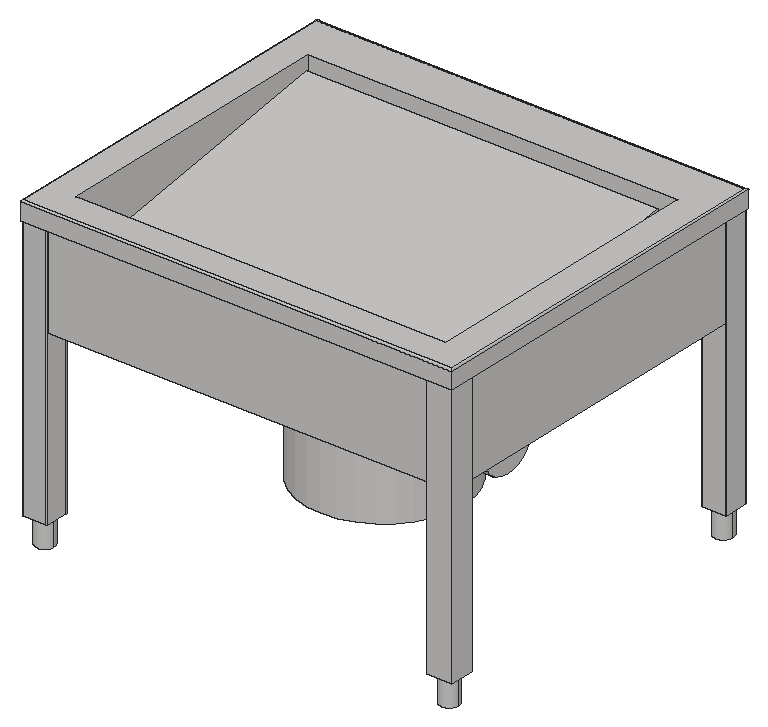
Revit family "PRD_FrankeWS_JntrlUnits_SiriusShoeAndBootCleaningUnit_SIRX711C,SIRX721C,SIRX731C,SIRX741C", category Plumbing Fixtures, Revit 2018
Family settings
  Round Connector Dimension = Use Diameter
  Part Type = Normal
  OmniClass Number = 23.45.05.14.14
  OmniClass Title = Sinks/Lavatories
  Work Plane-Based = No
  Always vertical = Yes
  Cut with Voids When Loaded = No
  Shared = No
  Room Calculation Point = No
Parameters (values of type "SIRX711C - W=70cm")
  WaterSupplyOverflowAndWasteHolesWaterSupply = "No tapholes"
  WaterSupplyOverflowAndWasteHolesWaste = "Center-Center"
  WaterSupplyOverflowAndWasteHolesOverflow = "No"
  WasteSize = 100 mm
  WasteAngle [instance] = 0.00°
  WarrantyStartDate [instance] = "1900-12-31T23:59:59"
  WarrantyGuarantorParts = "n/a"
  WarrantyGuarantorLabor = "n/a"
  WarrantyDurationUnit = "year"
  WarrantyDurationParts = "n/a"
  WarrantyDurationLabor = "n/a"
  WarrantyDescription = "n/a"
  Version = "1"
  Uniclass2015Version = "Products v1.5"
  Uniclass2015Title = "Janitorial sinks"
  Uniclass2015Code = "Pr_40_20_96_44"
  URL = "www.kwc.com"
  TagNumber [instance] = "n/a"
  SustainabilityPerformance = "n/a"
  Size = "700 x 600 x 500 mm"
  SinkType = "Other"
  SinkMounting = "Pedestal"
  SinkMaterial = PRD_AR_StainlessSteel_SatinFinished
  Shape = "Rectangular"
  SerialNumber [instance] = "n/a"
  Revision = "n/a"
  ReplacementCost = "n/a"
  ProductInformation = "https://pim.kwc.com/product/2000100354/attachment/datasheet?locale=en"
  Options = "n/a"
  NominalWidth = 700 mm
  NominalLength = 0 mm
  NominalHeight = 500 mm
  NominalDepth = 600 mm
  NetWeight = 25.40 kg
  Name = "Sirius shoe and boot cleaning unit SIRX711C"
  NBSTypeID = "n/a"
  NBSReference = "45-35-70/401"
  NBSOfficeMasterTag = "n/a"
  NBSNote = "n/a"
  NBSDescription = "Janitorial units"
  NBSCertification = "n/a"
  ModelReference = "SIRX711C"
  ModelNumber = "2000100354"
  Model = ModelReference  # "SIRX711C"
  Material = "Stainless steel"
  ManufacturerURL = "www.kwc.com"
  ManufacturerName = "KWC Group AG"  # constant formula
  Manufacturer = ManufacturerName  # "KWC Group AG"
  IntegralAccessories = "include sludge trap fitting, hand brush with lever activation and sump bucket with siphon"
  InstallationDate [instance] = "1900-12-31T23:59:59"
  IfcExportType = "SINK"
  IfcExportAs = "IfcSanitaryTerminalType"
  GrossWeight = 44.00 kg
  GrateMaterial = PRD_AR_StainlessSteel_SatinFinished_Cutouts
  Grade = "n/a"
  Form = "Stainless steel shoe and boot cleaning unit"
  FinishAndMaterial = "Stainless steel 1.4301"
  Finish = "Satin finished"
  Features = "stainless steel, 1.20 mm, satin finished, wall mounting, 700x500x600 mm (WxHxD)"
  ExpectedLife = "n/a"
  DurationUnit = "year"
  DrainSize = "DN-100-4INH"
  Description = "Shoe- and boot-cleaning-unit for wall mounting, stainless steel, surface satin finished, material thickness 1.2 mm, with 40x40 mm feet, waste turnable, with sump bucket, inlet diameter 1/2''. 1 washing place, include sludge trap fitting, hand brush with lever activation and sump bucket with siphon"
  Constituents = "n/a"
  Color = "Stainless steel"
  CodePerformance = "n/a"
  Category = "Pr_40_20_96_44, Janitorial sinks"
  BarCode [instance] = "n/a"
  BIMObjectName = "PRD_AR_JanitorialUnits_SiriusShoeAndBootCleaningUnit_SIRX711C"
  Author = "Archispace"  # constant formula
  AssetType = "Fixed"
  AssetIdentifier [instance] = "n/a"
  AccessibilityPerformance = "n/a"
Types (4, lengths in mm): name | Size | ProductInformation | NominalWidth | NetWeight | Name | ModelReference | ModelNumber | Model | GrossWeight | Features | Description | BIMObjectName
  SIRX711C - W=70cm | "700 x 600 x 500 mm" | "https://pim.kwc.com/product/2000100354/attachment/datasheet?locale=en" | 700 | 25.40 kg | "Sirius shoe and boot cleaning unit SIRX711C" | "SIRX711C" | "2000100354" | "SIRX711C" | 44.00 kg | "stainless steel, 1.20 mm, satin finished, wall mounting, 700x500x600 mm (WxHxD)" | "Shoe- and boot-cleaning-unit for wall mounting, stainless steel, surface satin finished, material thickness 1.2 mm, with 40x40 mm feet, waste turnable, with sump bucket, inlet diameter 1/2''. 1 washing place, include sludge trap fitting, hand brush with lever activation and sump bucket with siphon" | "PRD_AR_JanitorialUnits_SiriusShoeAndBootCleaningUnit_SIRX711C"
  SIRX721C - W=140cm | "1400 x 600 x 500 mm" | "https://pim.kwc.com/product/2000100355/attachment/datasheet?locale=en" | 1400 | 31.40 kg | "Sirius shoe and boot cleaning unit SIRX721C" | "SIRX721C" | "2000100355" | "SIRX721C" | 62.50 kg | "stainless steel, 1.20 mm, satin finished, wall mounting, 1400x500x600 mm (WxHxD)" | "Shoe- and boot-cleaning-unit for wall mounting, stainless steel, surface satin finished, material thickness 1.2 mm, with 40x40 mm feet, waste turnable, with sump bucket, inlet diameter 1/2''. 2 washing places, include sludge trap fitting, hand brushes with lever activation and sump bucket with siphon" | "PRD_AR_JanitorialUnits_SiriusShoeAndBootCleaningUnit_SIRX721C"
  SIRX731C - W=210cm | "2100 x 600 x 500 mm" | "https://pim.kwc.com/product/2000100356/attachment/datasheet?locale=en" | 2100 | 42.40 kg | "Sirius shoe and boot cleaning unit SIRX731C" | "SIRX731C" | "2000100356" | "SIRX731C" | 84.50 kg | "stainless steel, 1.20 mm, satin finished, wall mounting, 2100x500x600 mm (WxHxD)" | "Shoe- and boot-cleaning-unit for wall mounting, stainless steel, surface satin finished, material thickness 1.2 mm, with 40x40 mm feet, waste turnable, with sump bucket, inlet diameter 1/2''. 3 washing places, include sludge trap fitting, hand brushes with lever activation and sump bucket with siphon" | "PRD_AR_JanitorialUnits_SiriusShoeAndBootCleaningUnit_SIRX731C"
  SIRX741C - W=280cm | "2800 x 600 x 500 mm" | "https://pim.kwc.com/product/2000101549/attachment/datasheet?locale=en" | 2800 | 56.40 kg | "Sirius shoe and boot cleaning unit SIRX741C" | "SIRX741C" | "2000101549" | "SIRX741C" | 90.00 kg | "stainless steel, 1.20 mm, satin finished, wall mounting, 2800x500x600 mm (WxHxD)" | "Shoe- and boot-cleaning-unit for wall mounting, stainless steel, surface satin finished, material thickness 1.2 mm, with 40x40 mm feet, waste turnable, with sump bucket, inlet diameter 1/2''. 4 washing places, include sludge trap fitting, hand brushes with lever activation and sump bucket with siphon" | "PRD_AR_JanitorialUnits_SiriusShoeAndBootCleaningUnit_SIRX741C"
Reference planes
  plane 1 "Center (Front/Back)": y = 0
  plane 2: z = 0
  plane 3 "Center (Left/Right)": x = 0
Dimensions and locks
  aligned and locked: level to plane 2
Nested families
  nested 1: "SIRX711C,2,3,4" at (0, 0, 0), type "SIRX711C,2,3,4"
Connectors
  piping at (200, -300, 216.248), diameter 100, driven by "WasteSize"
    settings: on nested 1, index 1, connector inside diameter 609.6 mm, connector length 0 mm, flow factor 0, pipe flow 0.0 L/s, pressure drop 0.0 Pa, fitting loss kfactor 0, connector angle 0.00°, fixture units 0, engagement length 0 mm, angle of deflection 0.00°, flow configuration 2, flow direction 2, fitting loss method 0, system type 16, joint type 0, gender type 0, connector reference index -1, connector utility 0, adjustable connector no, is connector primary yes, connector description ""
Definition of nested family "SIRX711C,2,3,4"
  Parameters (values of type "SIRX711C,2,3,4")
    WasteAngle = 0.00°
    MiddleLegs = Length = 2800 mm  # no
    Material = none
    Length = 700 mm
    GrateMaterial = none
    Grate4 = Length = 2800 mm  # no
    Grate3 = Length = 2100 mm  # no
    Grate2 = Length = 1400 mm  # no
    Grate1 = Length = 700 mm  # yes
  Reference planes
    plane 1 "Center (Front/Back)": y = 0
    plane 2: z = 2.248
    plane 3 "Center (Left/Right)": x = 0
    plane 4: x = -350
    plane 5: x = 350
    plane 6: y = -300
    plane 7: z = 216.248
    plane 8: y = -97
    plane 9: through (0, 33.19, 484.868) normal (0, -0.1564, 0.9877)
    plane 10: x = -285
    plane 11: x = 285
    plane 12: x = -13
    plane 13: x = 13
    plane 14: x = -95
    plane 15: x = -108
    plane 16: x = -82
    plane 17: x = 95
    plane 18: x = 108
    plane 19: x = 82
    plane 20: x = -142.5
    plane 21: x = -155.5
    plane 22: x = -129.5
    plane 23: x = 142.5
    plane 24: x = 155.5
    plane 25: x = 129.5
    plane 26: z = 502.248
  Forms (mm)
    Extrusion 1, solid, material <- "Material", detail levels fine
      sketch origin (0, 0, 2.248) x (1, 0, 0) y (0, 1, 0)
        loop
          line (-348, -559.5) -> (-348, -596.5)
          arc (-348, -596.5) -> (-347.561, -597.561) -> (-346.5, -598) r 1.5
          line (-346.5, -598) -> (-309.5, -598)
          arc (-309.5, -598) -> (-308.439, -597.561) -> (-308, -596.5) r 1.5
          line (-308, -596.5) -> (-308, -559.5)
          arc (-308, -559.5) -> (-308.439, -558.439) -> (-309.5, -558) r 1.5
          line (-309.5, -558) -> (-346.5, -558)
          arc (-346.5, -558) -> (-347.561, -558.439) -> (-348, -559.5) r 1.5
        loop
          line (-309.5, -2) -> (-346.5, -2)
          arc (-346.5, -2) -> (-347.561, -2.439) -> (-348, -3.5) r 1.5
          line (-348, -3.5) -> (-348, -40.5)
          arc (-348, -40.5) -> (-347.561, -41.561) -> (-346.5, -42) r 1.5
          line (-346.5, -42) -> (-309.5, -42)
          arc (-309.5, -42) -> (-308.439, -41.561) -> (-308, -40.5) r 1.5
          line (-308, -40.5) -> (-308, -3.5)
          arc (-308, -3.5) -> (-308.439, -2.439) -> (-309.5, -2) r 1.5
        loop
          line (348, -598) -> (348, -558) -> (308, -558) -> (308, -598) -> (348, -598)
        loop
          line (346.5, -2) -> (309.5, -2)
          arc (309.5, -2) -> (308.439, -2.439) -> (308, -3.5) r 1.5
          line (308, -3.5) -> (308, -40.5)
          arc (308, -40.5) -> (308.439, -41.561) -> (309.5, -42) r 1.5
          line (309.5, -42) -> (346.5, -42)
          arc (346.5, -42) -> (347.561, -41.561) -> (348, -40.5) r 1.5
          line (348, -40.5) -> (348, -3.5)
          arc (348, -3.5) -> (347.561, -2.439) -> (346.5, -2) r 1.5
      from 42 to 470
    Extrusion 2, solid, material <- "Material", detail levels medium+fine
      sketch origin (0, 0, 2.248) x (1, 0, 0) y (0, 1, 0)
        loop
          line (-308, -596) -> (308, -596) -> (308, -560.5) -> (-308, -560.5) -> (-308, -596)
        loop
          line (346, -558) -> (346, -42) -> (310.5, -42) -> (310.5, -558) -> (346, -558)
        loop
          line (-310.5, -558) -> (-310.5, -42) -> (-346, -42) -> (-346, -558) -> (-310.5, -558)
      from 320 to 470
    Extrusion 3, solid, material <- "Material", detail levels fine
      sketch origin (0, 0, 2.248) x (1, 0, 0) y (0, 1, 0)
        loop
          circle (-328, -578) r 15
        loop
          circle (-328, -22.729) r 15
        loop
          circle (328, -578) r 15
        loop
          circle (328, -22.729) r 15
      from 0 to 42
    Extrusion 4, solid, material <- "Material", detail levels coarse+medium
      sketch origin (0, 0, 2.248) x (1, 0, 0) y (0, 1, 0)
        loop
          line (-348, -598) -> (-308, -598) -> (-308, -558) -> (-348, -558) -> (-348, -598)
        loop
          line (-308, -2) -> (-348, -2) -> (-348, -42) -> (-308, -42) -> (-308, -2)
        loop
          line (348, -2) -> (308, -2) -> (308, -42) -> (348, -42) -> (348, -2)
        loop
          line (308, -558) -> (308, -598) -> (348, -598) -> (348, -558) -> (308, -558)
      from 0 to 470
    Extrusion 5, solid, material <- "Material", detail levels medium+fine
      sketch origin (0, 0, 2.248) x (1, 0, 0) y (0, 1, 0)
        loop
          circle (0, -300) r 130
      from 322 to 324
    Extrusion 6, solid, material <- "Material", detail levels fine
      sketch origin (0, 0, 2.248) x (1, 0, 0) y (0, 1, 0)
        loop
          line (350, 0) -> (-350, 0) -> (-350, -600) -> (350, -600) -> (350, 0)
      from 470 to 500
    Extrusion 7, solid, material <- "Material", detail levels fine
      sketch origin (0, 0, 2.248) x (1, 0, 0) y (0, 1, 0)
        loop
          line (-302, -50) -> (-302, -552) -> (302, -552) -> (302, -50) -> (-302, -50)
      from 320 to 470
    Blend 8, void
      base sketch origin (0, 0, 2.248) x (1, 0, 0) y (0, 1, 0)
        loop
          line (300, -80) -> (-300, -80) -> (-300, -490) -> (300, -490) -> (300, -80)
      top sketch origin (0, 0, 2.248) x (1, 0, 0) y (0, 1, 0)
        loop
          line (300, -80) -> (-300, -80) -> (-300, -550) -> (300, -550) -> (300, -80)
      from 322 to 500
    Sweep 9, void
      path in 3D
        loop
          line (-350, -600, 502.248) -> (350, -600, 502.248) -> (350, 0, 502.248) -> (-350, 0, 502.248) -> (-350, -600, 502.248)
      profile origin (-350, -300, 502.248) x (1, 0, 0) y (0, 0, 1)
        loop
          line (0, 0) -> (0, -3)
          arc (0, -3) -> (0.879, -0.879) -> (3, 0) r 3
          line (3, 0) -> (0, 0)
    Extrusion 10, solid, material <- "Material", detail levels medium
      sketch origin (0, 0, 2.248) x (1, 0, 0) y (0, 1, 0)
        loop
          line (-350.041, -600.04) -> (350, -600.04) -> (350, 0) -> (-350.041, 0) -> (-350.041, -600.04)
      from 470 to 500
    Extrusion 11, solid, material <- "Material", detail levels medium
      sketch origin (0, 0, 2.248) x (1, 0, 0) y (0, 1, 0)
        loop
          line (-302, -552) -> (302, -552) -> (302, -50) -> (-302, -50) -> (-302, -552)
      from 320 to 470
    Extrusion 12, void
      sketch origin (0, 0, 2.248) x (1, 0, 0) y (0, 1, 0)
        loop
          line (-300, -550) -> (300, -550) -> (300, -80) -> (-300, -80) -> (-300, -550)
      from 322 to 500
    Extrusion 13, solid, material <- "Material", detail levels coarse
      sketch origin (0, 0, 2.248) x (1, 0, 0) y (0, 1, 0)
        loop
          line (-350, 0) -> (-350, -600.04) -> (350, -600.04) -> (350, 0) -> (-350, 0)
      from 320 to 500
    Extrusion 14, solid, material <- "Material"
      sketch origin (0, 0, 2.248) x (1, 0, 0) y (0, 1, 0)
        loop
          circle (0, -300) r 128
      from 93 to 320
    Extrusion 15, solid, material <- "Material"
      sketch origin (0, -300, 216.248) x (0, 0, 1) y (0, 1, 0)
        loop
          circle (0, 0) r 50
      from 0 to -200
    Extrusion 16, solid, material <- "Material", visible <- "MiddleLegs", detail levels coarse+medium
      sketch origin (0, 0, 2.248) x (1, 0, 0) y (0, 1, 0)
        loop
          line (20, -2) -> (-20, -2) -> (-20, -42) -> (20, -42) -> (20, -2)
        loop
          line (-20, -598.04) -> (20, -598.04) -> (20, -558) -> (-20, -558) -> (-20, -598.04)
      from 0 to 470
    Extrusion 17, solid, material <- "Material", visible <- "MiddleLegs", detail levels fine
      sketch origin (0, 0, 2.248) x (1, 0, 0) y (0, 1, 0)
        loop
          line (-20, -3.5) -> (-20, -40.5)
          arc (-20, -40.5) -> (-19.561, -41.561) -> (-18.5, -42) r 1.5
          line (-18.5, -42) -> (18.5, -42)
          arc (18.5, -42) -> (19.561, -41.561) -> (20, -40.5) r 1.5
          line (20, -40.5) -> (20, -3.5)
          arc (20, -3.5) -> (19.561, -2.439) -> (18.5, -2) r 1.5
          line (18.5, -2) -> (-18.5, -2)
          arc (-18.5, -2) -> (-19.561, -2.439) -> (-20, -3.5) r 1.5
        loop
          line (-18.5, -598.04) -> (18.5, -598.04)
          arc (18.5, -598.04) -> (19.561, -597.601) -> (20, -596.54) r 1.5
          line (20, -596.54) -> (20, -559.5)
          arc (20, -559.5) -> (19.561, -558.439) -> (18.5, -558) r 1.5
          line (18.5, -558) -> (-18.5, -558)
          arc (-18.5, -558) -> (-19.561, -558.439) -> (-20, -559.5) r 1.5
          line (-20, -559.5) -> (-20, -596.54)
          arc (-20, -596.54) -> (-19.561, -597.601) -> (-18.5, -598.04) r 1.5
      from 42 to 470
    Extrusion 18, solid, material <- "Material", visible <- "MiddleLegs", detail levels fine
      sketch origin (0, 0, 2.248) x (1, 0, 0) y (0, 1, 0)
        loop
          circle (0, -578.02) r 15
        loop
          circle (0, -21.98) r 15
      from 0 to 42
    Extrusion 19, solid, material <- "Material", visible <- "Grate1", detail levels fine
      sketch origin (0, 33.19, 484.868) x (0, 0.987688, 0.156434) y (-1, 0, 0)
        loop
          line (-131.813, -285) -> (-131.813, 285) -> (-541.813, 285) -> (-541.813, -285) -> (-131.813, -285)
      from 0 to 30
    Extrusion 20, solid, material <- "Material", visible <- "Grate2", detail levels fine
      sketch origin (0, 33.19, 484.868) x (0, 0.987688, 0.156434) y (-1, 0, 0)
        loop
          line (-131.813, 285) -> (-541.813, 285) -> (-541.813, 13) -> (-131.813, 13) -> (-131.813, 285)
        loop
          line (-131.813, -13) -> (-541.813, -13) -> (-541.813, -285) -> (-131.813, -285) -> (-131.813, -13)
      from 0 to 30
    Extrusion 21, solid, material <- "Material", visible <- "Grate3", detail levels fine
      sketch origin (0, 33.19, 484.868) x (0, 0.987688, 0.156434) y (-1, 0, 0)
        loop
          line (-131.813, 108) -> (-131.813, 285) -> (-541.813, 285) -> (-541.813, 108) -> (-131.813, 108)
        loop
          line (-131.813, 82) -> (-541.813, 82) -> (-541.813, -82) -> (-131.813, -82) -> (-131.813, 82)
        loop
          line (-131.813, -108) -> (-541.813, -108) -> (-541.813, -285) -> (-131.813, -285) -> (-131.813, -108)
      from 0 to 30
    Extrusion 22, solid, material <- "Material", visible <- "Grate4", detail levels fine
      sketch origin (0, 33.19, 484.868) x (0, 0.987688, 0.156434) y (-1, 0, 0)
        loop
          line (-131.813, 285) -> (-541.813, 285) -> (-541.813, 155.5) -> (-131.813, 155.5) -> (-131.813, 285)
        loop
          line (-131.813, 129.5) -> (-541.813, 129.5) -> (-541.813, 13) -> (-131.813, 13) -> (-131.813, 129.5)
        loop
          line (-131.813, -13) -> (-541.813, -13) -> (-541.813, -129.5) -> (-131.813, -129.5) -> (-131.813, -13)
        loop
          line (-131.813, -155.5) -> (-541.813, -155.5) -> (-541.813, -285) -> (-131.813, -285) -> (-131.813, -155.5)
      from 0 to 30
  Cuts and joins
    Blend 8, Sweep 9 cuts Extrusion 6
    Blend 8, Sweep 9 cuts Extrusion 7
    joined: Extrusion 6, Extrusion 7
    Extrusion 12 cuts Extrusion 10
    Extrusion 12 cuts Extrusion 11
    joined: Extrusion 10, Extrusion 11
    joined: Extrusion 14, Extrusion 15
  Lines and regions (mm)
    sketch lines
      curve 1: line (-350, 0, 502.248) -> (-350, -600, 502.248)
      curve 2: line (350, 0, 502.248) -> (-350, 0, 502.248)
      curve 3: line (350, -600, 502.248) -> (350, 0, 502.248)
      curve 4: line (-350, -600, 502.248) -> (350, -600, 502.248)
    reference lines
      curve 5: line (0, -300, 216.248) -> (300, -300, 216.248)
    symbolic lines, detail levels coarse
      curve 6: line (-300, -80, 502.248) -> (300, -80, 502.248)
      curve 7: line (-300, -550, 502.248) -> (-300, -80, 502.248)
      curve 8: line (300, -550, 502.248) -> (-300, -550, 502.248)
      curve 9: line (300, -80, 502.248) -> (300, -550, 502.248)
  Dimensions and locks
    equal spacing: plane 4, plane 3 "Center (Left/Right)", plane 5
    "Length": plane 4 to plane 5
    locked: plane 4 to plane 10 at 65
    locked: plane 11 to plane 5 at 65
    plane 12 to plane 3 "Center (Left/Right)" to plane 13 = 13 mm locked, 13 mm locked
    plane 15 to plane 14 to plane 16 = 13 mm locked, 13 mm locked
    plane 18 to plane 17 to plane 19 = 13 mm locked, 13 mm locked
    equal spacing: plane 10, plane 14, plane 17, plane 11
    plane 21 to plane 20 to plane 22 = 13 mm locked, 13 mm locked
    plane 24 to plane 23 to plane 25 = 13 mm locked, 13 mm locked
    equal spacing: plane 10, plane 20, plane 3 "Center (Left/Right)"
    equal spacing: plane 3 "Center (Left/Right)", plane 23, plane 11
    "WasteAngle": angle plane 6 to curve 5
    aligned and locked: level to plane 2
    aligned and locked: Extrusion 4 sketch curve to Extrusion 2  (x6)
    aligned and locked: plane 3 "Center (Left/Right)" to Extrusion 5 sketch curve
    aligned and locked: Extrusion 6 sketch curve to plane 1 "Center (Front/Back)"
    aligned and locked: Extrusion 6 sketch curve to plane 4
    aligned and locked: plane 5 to Extrusion 6 sketch curve
    aligned and locked: Sweep 9 sketch curve to cut or joined group of Extrusion 6, Extrusion 7, Blend 8, Sweep 9
    aligned and locked: cut or joined group of Extrusion 6, Extrusion 7, Blend 8, Sweep 9 to Sweep 9 sketch curve
    aligned and locked: Extrusion 13 sketch curve to plane 4
    aligned and locked: plane 5 to Extrusion 13 sketch curve
    aligned and locked: cut or joined group of Extrusion 10, Extrusion 11, Extrusion 12 to Extrusion 13 sketch curve
    aligned and locked: Extrusion 13 sketch curve to cut or joined group of Extrusion 10, Extrusion 11, Extrusion 12
    aligned and locked: plane 3 "Center (Left/Right)" to curve 5
    aligned and locked: plane 6 to curve 5
    aligned and locked: Extrusion 16 to Extrusion 17 sketch curve  (x8)
    aligned and locked: Extrusion 19 sketch curve to plane 10
    aligned and locked: Extrusion 19 sketch curve to plane 11
    aligned and locked: Extrusion 20 sketch curve to plane 10
    aligned and locked: Extrusion 20 sketch curve to plane 12
    aligned and locked: plane 13 to Extrusion 20 sketch curve
    aligned and locked: plane 11 to Extrusion 20 sketch curve
    aligned and locked: Extrusion 21 sketch curve to plane 10
    aligned and locked: Extrusion 21 sketch curve to plane 15
    aligned and locked: Extrusion 21 sketch curve to plane 16
    aligned and locked: plane 19 to Extrusion 21 sketch curve
    aligned and locked: plane 18 to Extrusion 21 sketch curve
    aligned and locked: plane 11 to Extrusion 21 sketch curve
    aligned and locked: Extrusion 22 sketch curve to plane 10
    aligned and locked: Extrusion 22 sketch curve to plane 21
    aligned and locked: Extrusion 22 sketch curve to plane 22
    aligned and locked: Extrusion 22 sketch curve to plane 12
    aligned and locked: plane 13 to Extrusion 22 sketch curve
    aligned and locked: plane 25 to Extrusion 22 sketch curve
    aligned and locked: plane 24 to Extrusion 22 sketch curve
    aligned and locked: plane 11 to Extrusion 22 sketch curve
    aligned and locked: curve 7 to cut or joined group of Extrusion 6, Extrusion 7, Blend 8, Sweep 9
    aligned and locked: curve 9 to cut or joined group of Extrusion 6, Extrusion 7, Blend 8, Sweep 9
  Automatic sketch dimensions
    plane 4 to Extrusion 1 sketch curve = 2 mm  (x2)
    Extrusion 1 sketch curve to Extrusion 1 sketch curve = 1.5 mm  (x8)
    Extrusion 1 sketch curve to Extrusion 1 sketch curve = 37 mm  (x8)
    Extrusion 1 sketch curve to Extrusion 1 sketch curve = 0 mm  (x2)
    plane 1 "Center (Front/Back)" to Extrusion 1 sketch curve = 3.5 mm  (x2)
    plane 5 to Extrusion 1 sketch curve = 42 mm  (x2)
    Extrusion 1 sketch curve to Extrusion 1 sketch curve = 40 mm  (x2)
    Extrusion 1 sketch curve to Extrusion 1 sketch curve = 516 mm  (x2)
    Extrusion 2 sketch curve to Extrusion 2 sketch curve = 2.5 mm  (x4)
    Extrusion 2 sketch curve to Extrusion 2 sketch curve = 35.5 mm  (x3)
    plane 4 to Extrusion 3 sketch curve = 22 mm  (x2)
    plane 5 to Extrusion 3 sketch curve = 22 mm  (x2)
    plane 1 "Center (Front/Back)" to Extrusion 3 sketch curve = 578 mm  (x2)
    plane 1 "Center (Front/Back)" to Extrusion 3 sketch curve = 22.729 mm  (x2)
    Extrusion 5 sketch curve to plane 6 = 0 mm
    Extrusion 2 sketch curve to plane 6 = 258 mm
    Extrusion 4 sketch curve to Extrusion 4 sketch curve = 40 mm  (x4)
    plane 4 to Extrusion 2 sketch curve = 42 mm
    plane 4 to Extrusion 4 sketch curve = 2 mm  (x2)
    plane 1 "Center (Front/Back)" to Extrusion 2 sketch curve = 42 mm  (x2)
    plane 1 "Center (Front/Back)" to Extrusion 4 sketch curve = 2 mm  (x2)
    plane 5 to Extrusion 2 sketch curve = 42 mm
    plane 5 to Extrusion 4 sketch curve = 2 mm  (x2)
    Extrusion 6 sketch curve to plane 6 = 300 mm
    Extrusion 7 sketch curve to plane 6 = 252 mm
    plane 4 to Extrusion 7 sketch curve = 48 mm
    plane 5 to Extrusion 7 sketch curve = 48 mm
    plane 1 "Center (Front/Back)" to Extrusion 7 sketch curve = 50 mm
    plane 4 to Blend 8 sketch curve = 50 mm  (x2)
    plane 1 "Center (Front/Back)" to Blend 8 sketch curve = 80 mm  (x2)
    plane 5 to Blend 8 sketch curve = 50 mm  (x2)
    Blend 8 sketch curve to plane 6 = 190 mm
    Blend 8 sketch curve to plane 6 = 250 mm
    Sweep 9 sketch curve to Sweep 9 sketch curve = 3 mm  (x2)
    Sweep 9 sketch curve to Sweep 9 sketch curve = 0 mm
    profile plane to Sweep 9 sketch curve = 0 mm
    Sweep 9 sketch curve to profile plane = 0 mm
    plane 1 "Center (Front/Back)" to Extrusion 10 sketch curve = 0 mm
    Extrusion 10 sketch curve to plane 5 = 0 mm
    Extrusion 10 sketch curve to plane 4 = 0.041 mm
    Extrusion 10 sketch curve to plane 6 = 300.04 mm
    plane 4 to Extrusion 11 sketch curve = 48 mm
    plane 5 to Extrusion 11 sketch curve = 48 mm
    Extrusion 11 sketch curve to plane 6 = 252 mm
    plane 1 "Center (Front/Back)" to Extrusion 11 sketch curve = 50 mm
    plane 4 to Extrusion 12 sketch curve = 50 mm
    plane 5 to Extrusion 12 sketch curve = 50 mm
    Extrusion 12 sketch curve to plane 6 = 250 mm
    plane 1 "Center (Front/Back)" to Extrusion 12 sketch curve = 80 mm
    Extrusion 14 sketch curve to plane 3 "Center (Left/Right)" = 0 mm
    Extrusion 14 sketch curve to plane 6 = 0 mm
    Extrusion 15 sketch curve to plane 7 = 0 mm
    plane 3 "Center (Left/Right)" to Extrusion 16 sketch curve = 20 mm  (x2)
    Extrusion 16 sketch curve to plane 3 "Center (Left/Right)" = 20 mm  (x2)
    plane 1 "Center (Front/Back)" to Extrusion 16 sketch curve = 42 mm
    plane 1 "Center (Front/Back)" to Extrusion 16 sketch curve = 2 mm
    Extrusion 16 sketch curve to plane 6 = 258 mm
    Extrusion 16 sketch curve to Extrusion 16 sketch curve = 40.04 mm
    Extrusion 17 sketch curve to Extrusion 17 sketch curve = 1.5 mm  (x8)
    Extrusion 18 sketch curve to plane 3 "Center (Left/Right)" = 0 mm  (x2)
    Extrusion 18 sketch curve to plane 6 = 278.02 mm
    plane 1 "Center (Front/Back)" to Extrusion 18 sketch curve = 21.98 mm
    Extrusion 19 sketch curve to Extrusion 19 sketch curve = 410 mm
    Extrusion 20 sketch curve to Extrusion 20 sketch curve = 0 mm
    Extrusion 20 sketch curve to Extrusion 20 sketch curve = 410 mm  (x2)
    Extrusion 21 sketch curve to Extrusion 21 sketch curve = 0 mm  (x4)
    Extrusion 21 sketch curve to Extrusion 21 sketch curve = 410 mm
    Extrusion 22 sketch curve to Extrusion 22 sketch curve = 0 mm  (x6)
    Extrusion 22 sketch curve to Extrusion 22 sketch curve = 410 mm
    curve 6 to plane 8 = 17 mm
    curve 8 to plane 6 = 250 mm
    radius of Extrusion 3 sketch curve = 15 mm  (x4)
    radius of Extrusion 5 sketch curve = 130 mm
    radius of Extrusion 14 sketch curve = 128 mm
    radius of Extrusion 15 sketch curve = 50 mm
    radius of Extrusion 18 sketch curve = 15 mm  (x2)
